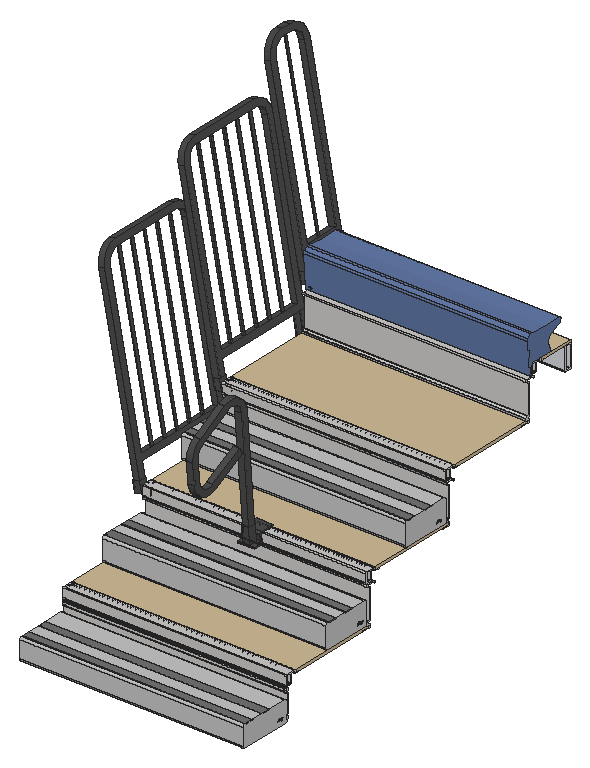
Revit family "Bleacher_Aisle-Telescopic-Hussey-MAXAM-Wall_Attached", category Specialty Equipment, Revit 2026 (continued)
Definition of nested family "Bleacher-End_Rail-Hussey-Self_Storing"
  Dimensions and locks (in)
    aligned and locked: plane 24 to Extrusion 8
    aligned and locked: Extrusion 9 to plane 27
    aligned and locked: plane 26 to Extrusion 9
    aligned and locked: plane 19 to Extrusion 9 sketch curve
    aligned and locked: Extrusion 9 sketch curve to curve 2
    aligned and locked: Extrusion 9 sketch curve to curve 3
    aligned and locked: Extrusion 9 sketch curve to plane 28
    aligned and locked: Extrusion 10 to plane 27
    aligned and locked: plane 26 to Extrusion 10
    aligned and locked: Extrusion 10 sketch curve to plane 18
    aligned and locked: Extrusion 10 sketch curve to curve 7
    aligned and locked: plane 29 to Extrusion 10 sketch curve
    aligned and locked: Extrusion 10 sketch curve to curve 6
  Automatic sketch dimensions
    Sweep 1 sketch curve to plane 14 "First Baluster" = 0' - 1 1/8"
    plane 15 "Last Baluster" to Sweep 1 sketch curve = 0' - 1 1/8"
    curve 5 to level = 0' - 0"
    level to curve 2 = 0' - 1.04987"
    level to curve 4 = 0' - 1.14189"
    curve 3 to level = 0' - 0.04096"
    plane 18 to curve 7 = 0' - 0.02913"
    curve 7 to level = 0' - 0.04096"
    level to curve 8 = 0' - 1.14189"
  Nested families (in)
    nested 1: "Bleacher-End_Rail-Hussey-Baluster" at (-0.75, 5.5, 7.5), visible <- "Multiple Balusters", type "Bleacher-End_Rail-Hussey-Baluster"
      with Height 3' - 5 13/16"
    nested 2: "Bleacher-End_Rail-Hussey-Baluster" at (-0.75, 21, 7.5), visible <- "Multiple Balusters", type "Bleacher-End_Rail-Hussey-Baluster"
      with Height 3' - 5 13/16"
    nested 3: "Bleacher-End_Rail-Hussey-Baluster" at (-0.75, 21, 7.5), visible <- "Single Baluster", type "Bleacher-End_Rail-Hussey-Baluster"
      with Height 3' - 5 13/16"
    nested 4: "Bleacher-End_Rail-Hussey-Baluster" at (-0.75, 9.375, 7.5), visible <- "Multiple Balusters", type "Bleacher-End_Rail-Hussey-Baluster"
      with Height 3' - 5 13/16"
    nested 5: "Bleacher-End_Rail-Hussey-Baluster" at (-0.75, 13.25, 7.5), visible <- "Multiple Balusters", type "Bleacher-End_Rail-Hussey-Baluster"
      with Height 3' - 5 13/16"
    nested 6: "Bleacher-End_Rail-Hussey-Baluster" at (-0.75, 17.125, 7.5), visible <- "Multiple Balusters", type "Bleacher-End_Rail-Hussey-Baluster"
      with Height 3' - 5 13/16"
  Definition of nested family "Bleacher-End_Rail-Hussey-Baluster"
    Parameters
      URL = "http://www.husseyseating.com/"
      Model = ""
      Manufacturer = "Hussey Seating Company"  # constant formula
      Height = 3' - 3"
      Description = "Single Baluster for Bleacher End Rail"
      Default Elevation = 0' - 0"
      Created By = "Revitus"  # constant formula
      Creator URL = "http://www.revituspro.com/"
      Baluster Width = 0' - 0 3/8"
      Baluster Material = none
      Baluster Depth = 0' - 0 3/8"
      Assembly Code = ""
    Reference planes (in)
      plane 1: z = 0
      plane 2 "Center (Left/Right)": x = -120
      plane 3 "Center (Front/Back)": y = -12
      plane 4 "Top": z = 39
      plane 5 "Left": x = -120.1875
      plane 6 "Back": y = -11.8125
      plane 7 "Right": x = -119.8125
      plane 8 "Front": y = -12.1875
    Forms (in)
      Extrusion 1, solid, material <- "Baluster Material"
        sketch origin (0, 0, 0) x (1, 0, 0) y (0, 1, 0)
          loop
            line (-119.8125, -11.8125) -> (-120.1875, -11.8125) -> (-120.1875, -12.1875) -> (-119.8125, -12.1875) -> (-119.8125, -11.8125)
        from 0 to 39
    Dimensions and locks (in)
      "Height": plane 4 "Top" to level
      equal spacing: plane 5 "Left", plane 2 "Center (Left/Right)", plane 7 "Right"
      "Baluster Width": plane 5 "Left" to plane 7 "Right"
      equal spacing: plane 8 "Front", plane 3 "Center (Front/Back)", plane 6 "Back"
      "Baluster Depth": plane 8 "Front" to plane 6 "Back"
      aligned and locked: plane 1 to level
      aligned and locked: Extrusion 1 sketch curve to plane 6 "Back"
      aligned and locked: plane 7 "Right" to Extrusion 1 sketch curve
      aligned and locked: plane 8 "Front" to Extrusion 1 sketch curve
      aligned and locked: Extrusion 1 sketch curve to plane 5 "Left"
      aligned and locked: plane 4 "Top" to Extrusion 1
      aligned and locked: Extrusion 1 to level
Definition of nested family "Bleacher_Aisle_Step-Hussey-MAXAM"
  Parameters
    URL = "http://www.husseyseating.com/"
    Step Material = none
    Step Height [instance] = 0' - 5 13/16"
    Step Depth [instance] = 1' - 1"
    Show Front Aisle Step Feet [instance] = no
    Manufacturer = "Hussey Seating Company"  # constant formula
    Description = "Step for MAXAM Telescopic Bleacher Aisle"
    Default Elevation = 0' - 0"
    Created By = "Revitus"  # constant formula
    Creator URL = "http://www.revituspro.com/"
    Assembly Code = ""
  Reference planes (in)
    plane 1 "Center (Front/Back)": y = -5.5
    plane 2: z = 0
    plane 3 "Center (Left/Right)": x = -93
    plane 4 "Left": x = -120
    plane 5 "Right": x = -66
    plane 6 "Front": y = -12
    plane 7 "Back": y = 1
    plane 8 "Top": z = 5.8125
    plane 9 "Bottom of Front Aisle Step Foot": z = -0.25
    plane 10: x = -66.125
    plane 11: x = -119.875
    plane 12: x = -68
    plane 13: x = -118
    plane 14: y = -10.5
    plane 15: y = -0.5
    plane 16: z = 5.75
    plane 17: z = 5.875
    plane 18: y = -11.25
    plane 19: y = -9.25
    plane 20: y = -6.25
    plane 21: y = -4.25
  Forms (in)
    Extrusion 1, solid, material <- "Step Material"
      sketch origin (-93, 0, 0) x (0, 1, 0) y (0, 0, 1)
        loop
          line (-12, 5.3125) -> (-12, 0.5)
          arc (-12, 0.5) -> (-11.85355, 0.14645) -> (-11.5, 0) r 0.5
          line (-11.5, 0) -> (0.5, 0)
          arc (0.5, 0) -> (0.85355, 0.14645) -> (1, 0.5) r 0.5
          line (1, 0.5) -> (1, 5.3125)
          arc (1, 5.3125) -> (0.85355, 5.66605) -> (0.5, 5.8125) r 0.5
          line (0.5, 5.8125) -> (-11.5, 5.8125)
          arc (-11.5, 5.8125) -> (-11.85355, 5.66605) -> (-12, 5.3125) r 0.5
      from -27 to 27
    Extrusion 2, void, detail levels medium+fine
      sketch origin (-66.125, -0.905, 1.5) x (0, 1, 0) y (0, 0, 1)
        loop
          spline (-0.905, 0) -> (-0.87416, -0.09913) -> (-0.78375, -0.19151) -> (-0.63993, -0.27084) -> (-0.4525, -0.33171) -> (-0.23423, -0.36997) -> (0, -0.38302) -> (0.23423, -0.36997) -> (0.4525, -0.33171) -> (0.63993, -0.27084) -> (0.78375, -0.19151) -> (0.87416, -0.09913) -> (0.905, 0)
          spline (0.905, 0) -> (0.87416, 0.09913) -> (0.78375, 0.19151) -> (0.63993, 0.27084) -> (0.4525, 0.33171) -> (0.23423, 0.36997) -> (0, 0.38302) -> (-0.23423, 0.36997) -> (-0.4525, 0.33171) -> (-0.63993, 0.27084) -> (-0.78375, 0.19151) -> (-0.87416, 0.09913) -> (-0.905, 0)
      from 0 to 0.125
    Extrusion 3, void, detail levels medium+fine
      sketch origin (-121.375, -0.905, 1.5) x (0, 1, 0) y (0, 0, 1)
        loop
          spline (-0.905, 0) -> (-0.87416, -0.09913) -> (-0.78375, -0.19151) -> (-0.63993, -0.27084) -> (-0.4525, -0.33171) -> (-0.23423, -0.36997) -> (0, -0.38302) -> (0.23423, -0.36997) -> (0.4525, -0.33171) -> (0.63993, -0.27084) -> (0.78375, -0.19151) -> (0.87416, -0.09913) -> (0.905, 0)
          spline (0.905, 0) -> (0.87416, 0.09913) -> (0.78375, 0.19151) -> (0.63993, 0.27084) -> (0.4525, 0.33171) -> (0.23423, 0.36997) -> (0, 0.38302) -> (-0.23423, 0.36997) -> (-0.4525, 0.33171) -> (-0.63993, 0.27084) -> (-0.78375, 0.19151) -> (-0.87416, 0.09913) -> (-0.905, 0)
      from 1.375 to 1.5
    Extrusion 4, solid, visible <- "Show Front Aisle Step Feet", detail levels medium+fine
      sketch origin (0, 0, 0) x (1, 0, 0) y (0, 1, 0)
        loop
          circle (-118, -0.5) r 0.5
        loop
          circle (-118, -10.5) r 0.5
        loop
          circle (-68, -10.5) r 0.5
        loop
          circle (-68, -0.5) r 0.5
      from -0.25 to 0
    Extrusion 5, solid
      sketch origin (-120, 0, 0) x (0, 1, 0) y (0, 0, 1)
        loop
          line (-11.25, 5.875) -> (-11.25, 5.75) -> (-9.25, 5.75) -> (-9.25, 5.875) -> (-11.25, 5.875)
        loop
          line (-6.25, 5.875) -> (-6.25, 5.75) -> (-4.25, 5.75) -> (-4.25, 5.875) -> (-6.25, 5.875)
      from 0 to 54
  Cuts and joins
    Extrusion 2, Extrusion 3 cuts Extrusion 1
  Lines and regions (in)
    Masking region 1
      outline origin (0, 0, 0) x (1, 0, 0) y (0, 1, 0)
        loop
          line (-120, 1) -> (-120, -12) -> (-66, -12) -> (-66, 1) -> (-120, 1)
  Dimensions and locks (in)
    locked: plane 4 "Left" to plane 5 "Right" at 54
    equal spacing: plane 4 "Left", plane 3 "Center (Left/Right)", plane 5 "Right"
    equal spacing: plane 6 "Front", plane 1 "Center (Front/Back)", plane 7 "Back"
    "Step Depth": plane 7 "Back" to plane 6 "Front"
    "Step Height": plane 8 "Top" to level
    locked: plane 5 "Right" to plane 10 at 0.125
    locked: plane 12 to plane 5 "Right" at 2
    plane 4 "Left" to plane 13 = 0' - 2"
    locked: plane 14 to plane 6 "Front" at 1.5
    locked: plane 15 to plane 7 "Back" at 1.5
    level to plane 9 "Bottom of Front Aisle Step Foot" = 0' - 0 1/4"
    plane 17 to plane 8 "Top" to plane 16 = 0' - 0 1/16" locked, 0' - 0 1/16" locked
    plane 6 "Front" to plane 18 to plane 19 to plane 20 to plane 21 = 0' - 0 3/4" locked, 0' - 2" locked, 0' - 3" locked, 0' - 2" locked
    aligned and locked: plane 2 to level
    aligned and locked: Extrusion 1 to plane 4 "Left"
    aligned and locked: Extrusion 1 to plane 5 "Right"
    aligned and locked: Extrusion 1 sketch curve to plane 6 "Front"
    aligned and locked: Extrusion 1 sketch curve to plane 8 "Top"
    aligned and locked: plane 7 "Back" to Extrusion 1 sketch curve
    aligned and locked: Extrusion 1 sketch curve to level
    aligned and locked: plane 7 "Back" to Masking region 1 sketch curve
    aligned and locked: Masking region 1 sketch curve to plane 4 "Left"
    aligned and locked: plane 5 "Right" to Masking region 1 sketch curve
    aligned and locked: Masking region 1 sketch curve to plane 6 "Front"
    aligned and locked: Extrusion 2 to plane 5 "Right"
    aligned and locked: Extrusion 2 to plane 10
    aligned and locked: Extrusion 3 to plane 4 "Left"
    aligned and locked: Extrusion 4 to plane 9 "Bottom of Front Aisle Step Foot"
    aligned and locked: level to Extrusion 4
    aligned and locked: Extrusion 5 sketch curve to plane 18
    aligned and locked: plane 17 to Extrusion 5 sketch curve  (x2)
    aligned and locked: Extrusion 5 sketch curve to plane 16  (x2)
    aligned and locked: Extrusion 5 sketch curve to plane 19
    aligned and locked: Extrusion 5 sketch curve to plane 20
    aligned and locked: Extrusion 5 sketch curve to plane 21
    aligned and locked: Extrusion 5 to plane 4 "Left"
    aligned and locked: Extrusion 5 to plane 5 "Right"
    aligned: nested 1 to plane 5 "Right"
    aligned and locked: nested 1 to plane 5 "Right"
    aligned and locked: level to nested 1
    aligned and locked: plane 7 "Back" to nested 1
    aligned and locked: nested 2 to plane 4 "Left"
    aligned and locked: level to nested 2
    aligned and locked: nested 2 to plane 7 "Back"
  Automatic sketch dimensions
    plane 6 "Front" to Extrusion 1 sketch curve = 0' - 0 1/2"  (x2)
    Extrusion 1 sketch curve to Extrusion 1 sketch curve = 0' - 0 1/2"
    plane 7 "Back" to Extrusion 1 sketch curve = 0' - 0 1/2"
    Extrusion 4 sketch curve to plane 13 = 0' - 0"  (x2)
    Extrusion 4 sketch curve to plane 12 = 0' - 0"  (x2)
    Extrusion 4 sketch curve to plane 14 = 0' - 0"  (x2)
    plane 15 to Extrusion 4 sketch curve = 0' - 0"  (x2)
    plane 15 to Extrusion 2 sketch curve = 0' - 0.405"
    level to Extrusion 2 sketch curve = 0' - 1 1/2"
    plane 15 to Extrusion 3 sketch curve = 0' - 0.405"
    level to Extrusion 3 sketch curve = 0' - 1 1/2"
    Extrusion 2 sketch curve to Extrusion 2 sketch curve = 0' - 0.905"
    Extrusion 3 sketch curve to Extrusion 3 sketch curve = 0' - 0.905"
    radius of Extrusion 4 sketch curve = 0' - 0 1/2"  (x4)
  Nested families (in)
    nested 1: "Logo-Aisle_Step-Hussey" at (-66, 1, 0), type "Logo-Aisle_Step-Hussey", detail levels medium+fine
    nested 2: "Logo-Aisle_Step-Hussey" at (-120, -2.80859, 0) x (-1, 0, 0) z (0, 0, 1), type "Logo-Aisle_Step-Hussey", detail levels medium+fine
  Definition of nested family "Logo-Aisle_Step-Hussey"
    Parameters
      URL = "http://www.husseyseating.com/"
      Manufacturer = "Hussey Seating Company"  # constant formula
      Default Elevation = 0' - 0"
      Created By = "Revitus"  # constant formula
      Creator URL = "http://www.revituspro.com/"
    Reference planes (in)
      plane 1 "Center (Front/Back)": y = 0
      plane 2: z = 0
      plane 3 "Center (Left/Right)": x = 0
      plane 4: y = -3.80859
    Forms (in)
      Extrusion 1, solid
        sketch origin (-0.125, -1.905, 1.5) x (0, 1, 0) y (0, 0, 1)
          loop
            line (-0.2755, -0.09369) -> (-0.1377, 0.145) -> (-0.23007, 0.145) -> (-0.34274, -0.05016)
            arc (-0.34274, -0.05016) -> (-0.36626, -0.06121) -> (-0.38481, -0.04301) r 0.02276
            line (-0.38481, -0.04301) -> (-0.27626, 0.145) -> (-0.36864, 0.145) -> (-0.48899, -0.06347)
            arc (-0.48899, -0.06347) -> (-0.49154, -0.08909) -> (-0.47398, -0.10792) r 0.03125
            arc (-0.47398, -0.10792) -> (-0.37305, -0.12443) -> (-0.2755, -0.09369) r 0.22079
          loop
            line (0.1, 0.145) -> (-0.06956, 0.145)
            arc (-0.06956, 0.145) -> (-0.13722, 0.10594) -> (-0.13722, 0.02781) r 0.07813
            line (-0.13722, 0.02781) -> (-0.10871, -0.02156)
            arc (-0.10871, -0.02156) -> (-0.10871, -0.03719) -> (-0.12224, -0.045) r 0.01562
            line (-0.12224, -0.045) -> (-0.2243, -0.045) -> (-0.27049, -0.125) -> (-0.10546, -0.125)
            arc (-0.10546, -0.125) -> (-0.03104, -0.08203) -> (-0.03104, 0.00391) r 0.08594
            line (-0.03104, 0.00391) -> (-0.05278, 0.04156)
            arc (-0.05278, 0.04156) -> (-0.05278, 0.05719) -> (-0.03925, 0.065) r 0.01563
            line (-0.03925, 0.065) -> (0.05381, 0.065) -> (0.1, 0.145)
          loop
            line (0.335, 0.145) -> (0.16544, 0.145)
            arc (0.16544, 0.145) -> (0.09778, 0.10594) -> (0.09778, 0.02781) r 0.07813
            line (0.09778, 0.02781) -> (0.12629, -0.02156)
            arc (0.12629, -0.02156) -> (0.12629, -0.03719) -> (0.11276, -0.045) r 0.01562
            line (0.11276, -0.045) -> (0.0107, -0.045) -> (-0.03549, -0.125) -> (0.12954, -0.125)
            arc (0.12954, -0.125) -> (0.20396, -0.08203) -> (0.20396, 0.00391) r 0.08594
            line (0.20396, 0.00391) -> (0.18222, 0.04156)
            arc (0.18222, 0.04156) -> (0.18222, 0.05719) -> (0.19575, 0.065) r 0.01563
            line (0.19575, 0.065) -> (0.28881, 0.065) -> (0.335, 0.145)
          loop
            line (0.35809, 0.145) -> (0.20221, -0.125) -> (0.38912, -0.125) -> (0.4353, -0.045) -> (0.34077, -0.045) -> (0.35809, -0.015) -> (0.45262, -0.015) -> (0.48149, 0.035) -> (0.38696, 0.035) -> (0.40428, 0.065) -> (0.49881, 0.065) -> (0.545, 0.145) -> (0.35809, 0.145)
          loop
            arc (0.59497, -0.04147) -> (0.57104, -0.0529) -> (0.56017, -0.02872) r 0.01853
            line (0.56017, -0.02872) -> (0.66047, 0.145) -> (0.56809, 0.145) -> (0.44629, -0.06597)
            arc (0.44629, -0.06597) -> (0.44277, -0.08801) -> (0.45484, -0.10677) r 0.03125
            arc (0.45484, -0.10677) -> (0.50251, -0.12467) -> (0.55251, -0.115) r 0.09375
            line (0.55251, -0.115) -> (0.42347, -0.3385)
            spline (0.42347, -0.3385) -> (0.43292, -0.33635) -> (0.4423, -0.33416) -> (0.45161, -0.33192) -> (0.46087, -0.32963) -> (0.47006, -0.3273) -> (0.47918, -0.32492) -> (0.48824, -0.3225) -> (0.49723, -0.32003) -> (0.50615, -0.31752) -> (0.515, -0.31496) -> (0.52377, -0.31235) -> (0.53247, -0.30971)
            line (0.53247, -0.30971) -> (0.795, 0.145) -> (0.70262, 0.145) -> (0.59497, -0.04147)
          loop
            spline (-0.71436, -0.23515) -> (-0.70872, -0.23819) -> (-0.70301, -0.2412) -> (-0.69723, -0.24419) -> (-0.69137, -0.24715) -> (-0.68545, -0.25009) -> (-0.67946, -0.25301) -> (-0.67339, -0.25589) -> (-0.66726, -0.25875) -> (-0.66106, -0.26159) -> (-0.6548, -0.2644) -> (-0.64846, -0.26718) -> (-0.64206, -0.26993)
            line (-0.64206, -0.26993) -> (-0.27558, 0.36483)
            spline (-0.27558, 0.36483) -> (-0.28426, 0.36364) -> (-0.29291, 0.3624) -> (-0.30153, 0.36113) -> (-0.31012, 0.35983) -> (-0.31868, 0.35849) -> (-0.32721, 0.35711) -> (-0.3357, 0.35569) -> (-0.34416, 0.35424) -> (-0.35258, 0.35276) -> (-0.36097, 0.35123) -> (-0.36932, 0.34968) -> (-0.37763, 0.34808)
            line (-0.37763, 0.34808) -> (-0.49488, 0.145) -> (-0.55261, 0.145) -> (-0.44358, 0.33386)
            spline (-0.44358, 0.33386) -> (-0.45316, 0.33154) -> (-0.46267, 0.32918) -> (-0.47212, 0.32677) -> (-0.48149, 0.32431) -> (-0.4908, 0.3218) -> (-0.50003, 0.31925) -> (-0.50919, 0.31664) -> (-0.51827, 0.31399) -> (-0.52727, 0.3113) -> (-0.5362, 0.30855) -> (-0.54504, 0.30577) -> (-0.55381, 0.30293)
            line (-0.55381, 0.30293) -> (-0.64499, 0.145) -> (-0.83764, 0.145)
            spline (-0.83764, 0.145) -> (-0.84372, 0.13854) -> (-0.84952, 0.13204) -> (-0.85504, 0.1255) -> (-0.86028, 0.11891) -> (-0.86524, 0.11229) -> (-0.86991, 0.10563) -> (-0.87429, 0.09893) -> (-0.87839, 0.0922) -> (-0.8822, 0.08544) -> (-0.88571, 0.07865) -> (-0.88894, 0.07184) -> (-0.89187, 0.065)
            line (-0.89187, 0.065) -> (-0.69118, 0.065) -> (-0.82149, -0.1607)
            spline (-0.82149, -0.1607) -> (-0.8168, -0.16493) -> (-0.81199, -0.16913) -> (-0.80706, -0.17331) -> (-0.80201, -0.17746) -> (-0.79684, -0.18158) -> (-0.79155, -0.18568) -> (-0.78614, -0.18975) -> (-0.78062, -0.19379) -> (-0.77498, -0.1978) -> (-0.76923, -0.20178) -> (-0.76336, -0.20574) -> (-0.75738, -0.20966)
            line (-0.75738, -0.20966) -> (-0.5988, 0.065) -> (-0.54107, 0.065) -> (-0.71436, -0.23515)
        from 0 to 0.125
    Dimensions and locks (in)
      aligned and locked: level to plane 2
Definition of nested family "Bleacher-Aisle_Handrail-Hussey"
  Parameters
    URL = "http://www.husseyseating.com/"
    Show in Stowed Position [instance] = not(Show in Open Position)  # no
    Show in Open Position [instance] = yes
    Model = ""
    Manufacturer = "Hussey Seating Company"  # constant formula
    Length = 1' - 4 1/2"
    Handrail Color = none
    Description = "Bleacher Aisle Handrail"
    Default Elevation = 0' - 0"
    Created By = "Revitus"  # constant formula
    Creator URL = "http://www.revituspro.com/"
    Assembly Code = ""
  Reference planes (in)
    plane 1: z = 0
    plane 2 "Center (Left/Right)": x = -120
    plane 3 "Center (Front/Back)": y = -12
    plane 4 "Left": x = -120.75
    plane 5 "Right": x = -119.25
    plane 6: x = -122
    plane 7: x = -118
    plane 8 "Handrail Forward Lean Angle": through (0, -15.2494, 27.1172) normal (0, 0.9962, 0.0872)
    plane 9 "Handrail Forward Lean Angle2": through (-120, -180, 0.82377) normal (0.0872, 0, 0.9962)
    plane 10: through (-240, -13.03125, 1.75) normal (0, -0.0872, 0.9962)
  Forms (in)
    Extrusion 1, solid
      sketch origin (-120, 0, 0) x (0, 1, 0) y (0, 0, 1)
        loop
          line (-14.3125, -2.62549) -> (-10.74951, -2.62549)
          arc (-10.74951, -2.62549) -> (-10.44015, -2.49735) -> (-10.31201, -2.18799) r 0.4375
          line (-10.31201, -2.18799) -> (-10.31201, -0.68746)
          arc (-10.31201, -0.68746) -> (-10.22048, -0.46648) -> (-9.99951, -0.37496) r 0.3125
          line (-9.99951, -0.37496) -> (-9.37451, -0.37496) -> (-9.37451, -0.18746) -> (-9.99951, -0.18746)
          arc (-9.99951, -0.18746) -> (-10.35306, -0.3339) -> (-10.49951, -0.68746) r 0.5
          line (-10.49951, -0.68746) -> (-10.49951, -2.18799)
          arc (-10.49951, -2.18799) -> (-10.57273, -2.36477) -> (-10.74951, -2.43799) r 0.25
          line (-10.74951, -2.43799) -> (-14.3125, -2.43799) -> (-14.3125, -2.62549)
      from -2 to 2
    Extrusion 2, solid
      sketch origin (-120, 0, 0) x (0, 1, 0) y (0, 0, 1)
        loop
          line (-8.8125, 0.1875) -> (-12.25644, 0.1875)
          arc (-12.25644, 0.1875) -> (-12.60353, 0.01633) -> (-12.67903, -0.36323) r 0.4375
          line (-12.67903, -0.36323) -> (-12.28338, -1.85711)
          arc (-12.28338, -1.85711) -> (-12.33731, -2.12823) -> (-12.58523, -2.25049) r 0.3125
          line (-12.58523, -2.25049) -> (-14.4375, -2.25049) -> (-14.4375, -2.43799) -> (-12.58523, -2.43799)
          arc (-12.58523, -2.43799) -> (-12.18856, -2.24237) -> (-12.10227, -1.80858) r 0.5
          line (-12.10227, -1.80858) -> (-12.49792, -0.3147)
          arc (-12.49792, -0.3147) -> (-12.45478, -0.09781) -> (-12.25644, 0) r 0.25
          line (-12.25644, 0) -> (-8.8125, 0) -> (-8.8125, 0.1875)
      from -2 to 2
    Blend 3, solid
      base sketch origin (0, 0, 0) x (1, 0, 0) y (0, 1, 0)
        loop
          line (-120.875, -12.55469) -> (-120.875, -14.3125) -> (-119.125, -14.3125) -> (-119.125, -12.55469) -> (-120.875, -12.55469)
      top sketch origin (0, 0, 0) x (1, 0, 0) y (0, 1, 0)
        loop
          line (-120.875, -12.90625) -> (-120.875, -14.66406) -> (-119.125, -14.66406) -> (-119.125, -12.90625) -> (-120.875, -12.90625)
      from -2.25 to 1.75
    Blend 4, void
      base sketch origin (0, 0, 0) x (1, 0, 0) y (0, 1, 0)
        loop
          line (-120.75, -12.67969) -> (-120.75, -14.1875) -> (-119.25, -14.1875) -> (-119.25, -12.67969) -> (-120.75, -12.67969)
      top sketch origin (0, 0, 0) x (1, 0, 0) y (0, 1, 0)
        loop
          line (-120.75, -13.03125) -> (-120.75, -14.53906) -> (-119.25, -14.53906) -> (-119.25, -13.03125) -> (-120.75, -13.03125)
      from -2.25 to 1.75
  Cuts and joins
    Blend 4 cuts Blend 3
  Dimensions and locks (in)
    equal spacing: plane 4 "Left", plane 2 "Center (Left/Right)", plane 5 "Right"
    locked: plane 5 "Right" to plane 4 "Left" at 1.5
    plane 6 to plane 2 "Center (Left/Right)" to plane 7 = 0' - 2" locked, 0' - 2" locked
    aligned and locked: plane 1 to level
    aligned and locked: Extrusion 2 to plane 6
    aligned and locked: Extrusion 1 to plane 6
    aligned and locked: Extrusion 2 to plane 7
    aligned and locked: Extrusion 1 to plane 7
  Automatic sketch dimensions
    Extrusion 1 sketch curve to Extrusion 1 sketch curve = 0' - 0"  (x4)
    Extrusion 1 sketch curve to plane 3 "Center (Front/Back)" = 0' - 2 5/16"
    plane 3 "Center (Front/Back)" to Extrusion 1 sketch curve = 0' - 1.25049"
    Extrusion 1 sketch curve to level = 0' - 0.68746"
    plane 3 "Center (Front/Back)" to Extrusion 1 sketch curve = 0' - 1.50049"
    Extrusion 1 sketch curve to Extrusion 1 sketch curve = 0' - 0 3/16"
    Extrusion 1 sketch curve to level = 0' - 0.18746"
    Extrusion 1 sketch curve to Extrusion 1 sketch curve = 0' - 0 5/8"
    Extrusion 1 sketch curve to Extrusion 1 sketch curve = 0' - 1.50053"
    Extrusion 2 sketch curve to Extrusion 2 sketch curve = 0' - 0"  (x4)
    Extrusion 2 sketch curve to level = 0' - 0"
    Extrusion 2 sketch curve to plane 3 "Center (Front/Back)" = 0' - 2 7/16"
    Extrusion 2 sketch curve to plane 3 "Center (Front/Back)" = 0' - 0.67903"
    Extrusion 2 sketch curve to plane 3 "Center (Front/Back)" = 0' - 0.58523"
    Extrusion 2 sketch curve to level = 0' - 0.3147"
    Extrusion 2 sketch curve to Extrusion 2 sketch curve = 0' - 0.18111"
    Extrusion 2 sketch curve to plane 3 "Center (Front/Back)" = 0' - 0.28338"
    Extrusion 2 sketch curve to plane 3 "Center (Front/Back)" = 0' - 0.25644"
    Extrusion 2 sketch curve to plane 3 "Center (Front/Back)" = 0' - 0.10227"
    level to Extrusion 2 sketch curve = 0' - 0 3/16"
    plane 3 "Center (Front/Back)" to Extrusion 2 sketch curve = 0' - 3 3/16"
    Extrusion 2 sketch curve to Extrusion 2 sketch curve = 0' - 1.49388"
    Extrusion 2 sketch curve to Extrusion 2 sketch curve = 0' - 0.04853"
    Extrusion 2 sketch curve to Extrusion 2 sketch curve = 0' - 0.08088"
    plane 4 "Left" to Blend 3 sketch curve = 0' - 0 1/8"  (x2)
    plane 5 "Right" to Blend 3 sketch curve = 0' - 0 1/8"  (x2)
    Blend 3 sketch curve to Blend 3 sketch curve = 0' - 1 97/128"
    Blend 3 sketch curve to plane 3 "Center (Front/Back)" = 0' - 2 5/16"
    Blend 3 sketch curve to plane 3 "Center (Front/Back)" = 0' - 2 85/128"
    Blend 3 sketch curve to plane 3 "Center (Front/Back)" = 0' - 0 29/32"
    plane 4 "Left" to Blend 4 sketch curve = 0' - 0"  (x2)
    plane 5 "Right" to Blend 4 sketch curve = 0' - 0"  (x2)
    Blend 4 sketch curve to plane 3 "Center (Front/Back)" = 0' - 2 3/16"
    Blend 4 sketch curve to plane 3 "Center (Front/Back)" = 0' - 0 87/128"
    Blend 4 sketch curve to plane 3 "Center (Front/Back)" = 0' - 2 69/128"
    Blend 4 sketch curve to plane 3 "Center (Front/Back)" = 0' - 1 1/32"
  Nested families (in)
    nested 1: "Bleacher-Aisle_Handrail-Hussey-Nested" at (0, -1.82406, 2.7305) x (1, 0, 0) z (0, -0.0872, 0.9962), visible <- "Show in Open Position", type "Bleacher-Aisle_Handrail-Hussey-Nested"
    nested 2: "Bleacher-Aisle_Handrail-Hussey-Nested" at (-108, -133.32176, -8.77406) x (0, -0.9962, -0.0872) z (0, -0.0872, 0.9962), visible <- "Show in Stowed Position", type "Bleacher-Aisle_Handrail-Hussey-Nested"
  Definition of nested family "Bleacher-Aisle_Handrail-Hussey-Nested"
    Parameters
      URL = "http://www.husseyseating.com/"
      Model = ""
      Manufacturer = "Hussey Seating Company"  # constant formula
      Length = 1' - 4 1/2"
      Handrail Material = none
      Description = "Bleacher Aisle Handrail"
      Default Elevation = 4' - 0"
      Created By = "Revitus"  # constant formula
      Creator URL = "http://www.revituspro.com/"
      Assembly Code = ""
    Reference planes (in)
      plane 1: z = 0
      plane 2 "Center (Left/Right)": x = -120
      plane 3 "Center (Front/Back)": y = -12
      plane 4 "Left": x = -120.75
      plane 5 "Right": x = -119.25
    Forms (in)
      Sweep 1, solid, material <- "Handrail Material"
        path in 3D
          loop
            line (-120, -11.25, 0) -> (-120, -11.25, 25.93742)
            arc (-120, -11.25, 25.93742) -> (-120, -13.21028, 29.58567) -> (-120, -17.33445, 29.96463) r 4.375
            line (-120, -17.33445, 29.96463) -> (-120, -25.08445, 26.67495)
            arc (-120, -25.08445, 26.67495) -> (-120, -27.02325, 25.06246) -> (-120, -27.75, 22.64774) r 4.375
            line (-120, -27.75, 22.64774) -> (-120, -27.75, 17.64073)
            arc (-120, -27.75, 17.64073) -> (-120, -25.78972, 13.99248) -> (-120, -21.66555, 13.61352) r 4.375
            line (-120, -21.66555, 13.61352) -> (-120, -13.38104, 17.13009)
        profile origin (-120, -11.25, 12.96871) x (0, -1, 0) y (1, 0, 0)
          loop
            line (0, -0.75) -> (1.5, -0.75) -> (1.5, 0.75) -> (0, 0.75) -> (0, -0.75)
    Lines and regions (in)
      reference lines
        curve 1: line (-120, -11.25, 0) -> (-120, -11.25, 25.93742)
        curve 2: line (-120, -27.75, 22.64774) -> (-120, -27.75, 17.64073)
        curve 3: arc (-120, -11.25, 25.93742) -> (-120, -13.21028, 29.58567) -> (-120, -17.33445, 29.96463) r 4.375
        curve 4: line (-120, -17.33445, 29.96463) -> (-120, -25.08445, 26.67495)
        curve 5: arc (-120, -25.08445, 26.67495) -> (-120, -27.02325, 25.06246) -> (-120, -27.75, 22.64774) r 4.375
        curve 6: arc (-120, -27.75, 17.64073) -> (-120, -25.78972, 13.99248) -> (-120, -21.66555, 13.61352) r 4.375
        curve 7: line (-120, -21.66555, 13.61352) -> (-120, -13.38104, 17.13009)
      sketch lines
        curve 8: line (-120, -11.25, 0) -> (-120, -11.25, 25.93742)
        curve 9: arc (-120, -11.25, 25.93742) -> (-120, -13.21028, 29.58567) -> (-120, -17.33445, 29.96463) r 4.375
        curve 10: line (-120, -17.33445, 29.96463) -> (-120, -25.08445, 26.67495)
        curve 11: arc (-120, -25.08445, 26.67495) -> (-120, -27.02325, 25.06246) -> (-120, -27.75, 22.64774) r 4.375
        curve 12: line (-120, -27.75, 22.64774) -> (-120, -27.75, 17.64073)
        curve 13: arc (-120, -27.75, 17.64073) -> (-120, -25.78972, 13.99248) -> (-120, -21.66555, 13.61352) r 4.375
        curve 14: line (-120, -21.66555, 13.61352) -> (-120, -13.38104, 17.13009)
    Dimensions and locks (in)
      equal spacing: plane 4 "Left", plane 2 "Center (Left/Right)", plane 5 "Right"
      "Length": curve 1 to curve 2
      locked: plane 5 "Right" to plane 4 "Left" at 1.5
      aligned and locked: plane 1 to level
      aligned and locked: Sweep 1 sketch curve to plane 4 "Left"
      aligned and locked: Sweep 1 sketch curve to plane 5 "Right"
    Automatic sketch dimensions
      plane 3 "Center (Front/Back)" to curve 1 = 0' - 0 3/4"
      curve 5 to curve 5 = 0' - 2.66555"
      curve 6 to curve 6 = 0' - 4 3/8"
      curve 5 to curve 5 = 0' - 4 3/8"
      curve 6 to curve 6 = 0' - 1.70945"
      curve 4 to plane 3 "Center (Front/Back)" = 0' - 5.33445"
      curve 3 to curve 3 = 0' - 4 3/8"
      curve 7 to plane 3 "Center (Front/Back)" = 0' - 1.38104"
      level to curve 1 = 0' - 0"
      level to curve 6 = 1' - 1.61352"
      curve 6 to curve 7 = 0' - 3.51657"
      curve 6 to curve 2 = 0' - 5.00701"
      curve 7 to curve 1 = 0' - 8.80733"
      Sweep 1 sketch curve to profile plane = 0' - 0"
      Sweep 1 sketch curve to Sweep 1 sketch curve = 0' - 1 1/2"
